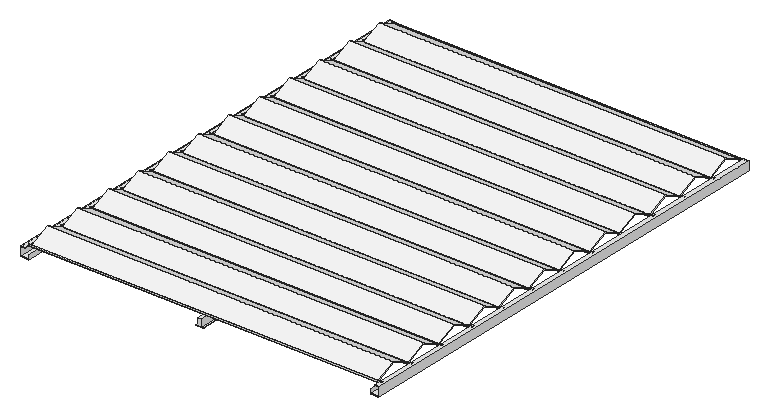
Revit family "Retractable-Roof_ShadeFX", category Specialty Equipment, Revit 2022
Family settings
  Round Connector Dimension = Use Diameter
  Part Type = Normal
  OmniClass Number = 23.35.00.00
  OmniClass Title = Covering, Cladding, and Finishes
  Work Plane-Based = No
  Always vertical = Yes
  Cut with Voids When Loaded = No
  Maintain Annotation Orientation = No
  Shared = No
  Room Calculation Point = No
Parameters
  URL = "https://www.shadefxcanopies.com/"
  Track Length [instance] = Length  # 18' - 0"
  Structure Material [instance] = ShadeFX - Aluminum Finish
  Specification = "https://www.arcat.com/company/shadefx-50995/spec"
  Retracted Roof [instance] = not(Extended Roof)  # no
  Retracted Length [instance] = if(or(Length = 8' 0", Length < 9' 0"), 1' 0 1/4", if(or(Length = 9' 0", Length < 10' 0"), 1' 2 1/4", if(or(Length = 10' 0", Length < 11' 0"), 2' 2 1/4", if(or(Length = 11' 0", Length < 12' 0"), 2' 4 1/4", if(or(Length = 12' 0", Length < 13' 3"), 2' 6 1/4", if(or(Length = 13' 3", Length < 14' 0"), 2' 6 1/4", if(or(Length = 14' 0", Length < 15' 0"), 2' 8 1/4", if(or(Length = 15' 0", Length = 16' 0"), 2' 8 1/4", if(or(Length = 16' 0", Length < 17' 0"), 2' 10 1/4", if(or(Length = 17' 0", Length < 18' 0"), 3' 0 1/4", if(or(Length = 18' 0", Length < 19' 0"), 3' 0 1/4", if(or(Length = 19' 0", Length < 20' 0"), 3' 2 1/4", if(or(Length = 20' 0", Length < 21' 0"), 3' 2 1/4", if(or(Length = 21' 0", Length < 22' 0"), 3' 4 1/4", if(or(Length = 22' 0", Length < 23' 0"), 3' 6 1/4", if(or(Length = 23' 0", Length < 26' 0"), 3' 6 1/4", if(or(Length = 26' 0", Length < 27' 0"), 3' 10 1/4", if(or(Length = 27' 0", Length < 29' 0"), 4' 0 1/4", if(or(Length = 29' 0", Length < 30' 0"), 4' 2 1/4", if(Length = 30' 0", 4' 2 1/4", 1' 0"))))))))))))))))))))  # 3' - 0 1/4"
  Motor [instance] = no
  Max Length and Width [instance] = "Contact us (spec@shadefx.com) for > length 30' x width 20'"
  Gutter Stabilizer [instance] = no
  G-Channel Stabilizer [instance] = not(Gutter Stabilizer)  # yes
  Width [instance] = 14' - 0"
  Length [instance] = 18' - 0"
  Product Page URL = "https://www.arcat.com/company/shadefx-50995"
  Model = "Retractable Roof."  # constant formula
  Manufacturer = "ShadeFX"  # constant formula
  Keynote = "10 73 16"
  Extended Roof [instance] = yes
  Description = "Single track retractable roofs."  # constant formula
  Default Elevation = 0' - 0"
  Cover Material [instance] = ShadeFX - Fabric Color
  Copyright = "ARCAT"
  CAD Details = "https://www.arcat.com/company/shadefx-50995/cad"
  # of Wings [instance] = if(or(Length = 8' 0", Length < 9' 0"), 6, if(or(Length = 9' 0", Length < 10' 0"), 7, if(or(Length = 10' 0", Length < 11' 0"), 7, if(or(Length = 11' 0", Length < 12' 0"), 8, if(or(Length = 12' 0", Length < 13' 3"), 9, if(or(Length = 13' 3", Length < 14' 0"), 9, if(or(Length = 14' 0", Length < 15' 0"), 10, if(or(Length = 15' 0", Length = 16' 0"), 10, if(or(Length = 16' 0", Length < 17' 0"), 11, if(or(Length = 17' 0", Length < 18' 0"), 12, if(or(Length = 18' 0", Length < 19' 0"), 12, if(or(Length = 19' 0", Length < 20' 0"), 13, if(or(Length = 20' 0", Length < 21' 0"), 13, if(or(Length = 21' 0", Length < 22' 0"), 14, if(or(Length = 22' 0", Length < 23' 0"), 15, if(or(Length = 23' 0", Length < 24' 0"), 15, if(or(Length = 24' 0", Length < 26' 0"), 16, if(or(Length = 26' 0", Length < 27' 0"), 17, if(or(Length = 27' 0", Length < 29' 0"), 18, if(or(Length = 29' 0", Length < 30' 0"), 19, if(Length = 30' 0", 19, 2)))))))))))))))))))))  # 12
Reference planes (in)
  plane 1 "Center (Front/Back)": y = -60
  plane 2: z = 0
  plane 3 "Center (Left/Right)": x = 0
  plane 4: x = -2
  plane 5: x = 2
  plane 6: z = 120.855
  plane 7: y = 48
  plane 8: y = -168
  plane 9: x = -84
  plane 10: x = 84
  plane 11: x = 80
  plane 12: x = -80
  plane 13 "Wing Host": z = 123.375
  plane 14: z = 120
  plane 15: z = 124.25
  plane 16: y = 17.5
  plane 17: x = -0.89
  plane 18: x = -3.82
  plane 19: z = 121.075
  plane 20: z = 120.855
  plane 21: x = -54
  plane 22: z = 123.75
  plane 23: z = 129.25
  plane 24: x = 54
Forms (in)
  Sweep 1, solid, material "ShadeFX - Aluminum Finish" <- "Structure Material", visible <- "G-Channel Stabilizer"
    path origin (0, 52.11444, 0) x (1, 0, 0) y (0, 1, 0)
      loop
        line (0, -4.11444) -> (0, -220.11444)
    profile origin (0, -60, 0) x (1, 0, 0) y (0, 0, 1)
      loop
        line (-2, 120) -> (2, 120) -> (2, 120.125) -> (0.89, 120.125) -> (0.89, 123.375) -> (-0.89, 123.375) -> (-0.89, 120.125) -> (-2, 120.125) -> (-2, 120)
      loop
        line (-80, 120) -> (-80, 122) -> (-80.125, 122) -> (-80.125, 120.125) -> (-83.875, 120.125) -> (-83.875, 124.125) -> (-82, 124.125) -> (-82, 124.25) -> (-84, 124.25) -> (-84, 120) -> (-80, 120)
      loop
        line (80, 120) -> (84, 120) -> (84, 124.25) -> (82, 124.25) -> (82, 124.125) -> (83.875, 124.125) -> (83.875, 120.125) -> (80.125, 120.125) -> (80.125, 122) -> (80, 122) -> (80, 120)
  Extrusion 2, solid, material "ShadeFX - Aluminum Finish" <- "Structure Material", visible <- "Motor"
    sketch origin (-116.11458, 48, 216) x (-1, 0, 0) y (0, 0, 1)
      loop
        line (-112.29458, -94.925) -> (-112.29458, -92.625) -> (-115.22458, -92.625) -> (-115.22458, -94.925) -> (-112.29458, -94.925)
    from 0 to -30.5
  Sweep 3, solid, material "ShadeFX - Aluminum Finish" <- "Structure Material", visible <- "Gutter Stabilizer"
    path origin (0, 52.11444, 0) x (1, 0, 0) y (0, 1, 0)
      loop
        line (0, -4.11444) -> (0, -220.11444)
    profile origin (0, -60, 0) x (1, 0, 0) y (0, 0, 1)
      loop
        line (-2, 120) -> (2, 120) -> (2, 120.125) -> (0.89, 120.125) -> (0.89, 123.375) -> (-0.89, 123.375) -> (-0.89, 120.125) -> (-2, 120.125) -> (-2, 120)
      loop
        line (-78, 120) -> (-78, 122) -> (-78.125, 122) -> (-78.125, 120.125) -> (-83.875, 120.125) -> (-83.875, 123.625) -> (-82, 123.625) -> (-82, 123.75) -> (-82, 124.25) -> (-83, 124.25) -> (-83, 124.125) -> (-82.11033, 124.125) -> (-82.11033, 123.75) -> (-84, 123.75) -> (-84, 120) -> (-78, 120)
      loop
        line (-82.25125, 123.875) -> (-82.25125, 124) -> (-83.875, 124) -> (-83.875, 129.09443) -> (-80, 129.09443) -> (-80, 129.25) -> (-84, 129.25) -> (-84, 123.875) -> (-82.25125, 123.875)
      loop
        line (78, 120) -> (84, 120) -> (84, 123.75) -> (82.11033, 123.75) -> (82.11033, 124.125) -> (83, 124.125) -> (83, 124.25) -> (82, 124.25) -> (82, 123.75) -> (82, 123.625) -> (83.875, 123.625) -> (83.875, 120.125) -> (78.125, 120.125) -> (78.125, 122) -> (78, 122) -> (78, 120)
      loop
        line (82.25125, 123.875) -> (84, 123.875) -> (84, 129.25) -> (80, 129.25) -> (80, 129.09443) -> (83.875, 129.09443) -> (83.875, 124) -> (82.25125, 124) -> (82.25125, 123.875)
Dimensions and locks (in)
  equal spacing: plane 4, plane 3 "Center (Left/Right)", plane 5
  locked: plane 4 to plane 5 at 4
  equal spacing: plane 8, plane 1 "Center (Front/Back)", plane 7
  "Length": plane 8 to plane 7
  equal spacing: plane 9, plane 3 "Center (Left/Right)", plane 10
  "Width": plane 9 to plane 10
  locked: plane 9 to plane 12 at 4
  locked: plane 11 to plane 10 at 4
  locked: plane 14 to plane 2 at 120
  locked: plane 13 "Wing Host" to plane 14 at 3.375
  locked: Sweep 1 sketch curve to plane 14 at 0.125
  locked: plane 13 "Wing Host" to plane 6 at 2.52
  locked: plane 15 to plane 14 at 4.25
  locked: Sweep 1 sketch curve to plane 14 at 2  (x2)
  locked: Sweep 1 sketch curve to plane 9 at 2
  locked: Sweep 1 sketch curve to plane 10 at 2
  locked: plane 7 to plane 16 at 30.5
  locked: plane 17 to plane 3 "Center (Left/Right)" at 0.89
  locked: plane 18 to plane 17 at 2.93
  locked: plane 13 "Wing Host" to plane 19 at 2.3
  plane 22 to plane 14 = 0' - 3 3/4"
  plane 23 to plane 22 = 0' - 5 1/2"
  locked: Sweep 3 sketch curve to Sweep 3 sketch curve at 1  (x2)
  Sweep 3 sketch curve to Sweep 3 sketch curve = 0' - 4"  (x2)
  locked: Sweep 1 to Sweep 3 sketch curve at 6
  locked: Sweep 3 sketch curve to Sweep 3 sketch curve at 0.125
  aligned and locked: level to plane 2
  aligned and locked: plane 3 "Center (Left/Right)" to nested 3
  aligned and locked: plane 3 "Center (Left/Right)" to nested 1
  aligned and locked: nested 1 to plane 1 "Center (Front/Back)"
  aligned and locked: plane 14 to Sweep 1 sketch curve  (x3)
  aligned and locked: plane 13 "Wing Host" to Sweep 1 sketch curve
  aligned and locked: Sweep 1 sketch curve to plane 9
  aligned and locked: Sweep 1 sketch curve to plane 12
  aligned and locked: Sweep 1 sketch curve to plane 15  (x2)
  aligned and locked: plane 10 to Sweep 1 sketch curve
  aligned and locked: Sweep 1 sketch curve to plane 11
  aligned and locked: plane 3 "Center (Left/Right)" to nested 2
  aligned and locked: plane 7 to Sweep 1 sketch curve
  aligned and locked: plane 8 to Sweep 1 sketch curve
  aligned and locked: nested 3 to plane 7
  aligned and locked: nested 2 to plane 7
  aligned and locked: Extrusion 2 sketch curve to plane 19
  aligned and locked: Extrusion 2 sketch curve to plane 17
  aligned and locked: Extrusion 2 sketch curve to plane 13 "Wing Host"
  aligned and locked: Extrusion 2 sketch curve to plane 18
  aligned and locked: Extrusion 2 to plane 16
  aligned and locked: plane 7 to Extrusion 2
  aligned and locked: Sweep 3 sketch curve to plane 22  (x2)
  aligned and locked: plane 15 to Sweep 3 sketch curve  (x2)
  aligned and locked: Sweep 3 sketch curve to plane 12
  aligned and locked: Sweep 3 sketch curve to nested 1
  aligned and locked: nested 1 to Sweep 3 sketch curve
  aligned and locked: Sweep 3 sketch curve to plane 23
Automatic sketch dimensions
  Sweep 1 sketch curve to plane 3 "Center (Left/Right)" = 0' - 0"
  Sweep 1 sketch curve to Sweep 1 sketch curve = 0' - 0 1/8"  (x8)
  profile plane to Sweep 1 sketch curve = 0' - 2"
  profile plane to Sweep 1 sketch curve = 0' - 0.89"
  Sweep 1 sketch curve to profile plane = 0' - 0.89"
  Sweep 1 sketch curve to Sweep 1 sketch curve = 0' - 1.11"
  Sweep 1 sketch curve to plane 6 = 0' - 0.73"
  Sweep 3 sketch curve to plane 3 "Center (Left/Right)" = 0' - 0"
  plane 8 to Sweep 3 sketch curve = 0' - 0"
  Sweep 3 sketch curve to plane 7 = 0' - 0"
  Sweep 3 sketch curve to plane 20 = 0' - 0.855"  (x3)
  Sweep 3 sketch curve to Sweep 3 sketch curve = 0' - 0"  (x3)
  Sweep 3 sketch curve to Sweep 3 sketch curve = 0' - 0 1/8"  (x15)
  Sweep 3 sketch curve to Sweep 3 sketch curve = 0' - 0 7/8"
  Sweep 3 sketch curve to Sweep 3 sketch curve = 0' - 0.25125"
  Sweep 3 sketch curve to Sweep 3 sketch curve = 0' - 0.11033"  (x2)
  Sweep 3 sketch curve to plane 20 = 0' - 0.73"  (x2)
  Sweep 3 sketch curve to Sweep 3 sketch curve = 0' - 3 7/8"
  profile plane to Sweep 3 sketch curve = 0' - 2"
  profile plane to Sweep 3 sketch curve = 0' - 0.89"
  Sweep 3 sketch curve to profile plane = 0' - 0.89"
  Sweep 3 sketch curve to Sweep 3 sketch curve = 0' - 1.11"
  Sweep 3 sketch curve to Sweep 3 sketch curve = 0' - 2"
  Sweep 3 sketch curve to Sweep 3 sketch curve = 0' - 0.14091"
  plane 20 to Sweep 3 sketch curve = 0' - 2.52"
  Sweep 3 sketch curve to Sweep 3 sketch curve = 0' - 0.15557"  (x2)
  Sweep 3 sketch curve to Sweep 3 sketch curve = 0' - 4.84443"
  plane 20 to Sweep 3 sketch curve = 0' - 1.145"  (x2)
Nested families (in)
  nested 1: "PIS_Support Structure" at (-82, 46, 0), Structure Material <- "Structure Material", type "PIS_Support Structure"
    with Structure Material ShadeFX - Aluminum Finish, W 14' - 0", Support 4 no, Support 3 no, Support 2 no, Support 1 no, Right Support no, Left Support no, L 18' - 0", Gutter no, Front Support no, Center Ridge no, Back Support no
  nested 2: "PIS_Extended Roof" at (-4.10236, 48, 123.375), visible <- "Extended Roof", Cover Material <- "Cover Material", Track Length <- "Track Length", Width <- "Width", # of Wings <- "# of Wings", Structure Material <- "Structure Material", type "PIS_Extended Roof"
    with Width 14' - 0", Track Length 18' - 0", Structure Material ShadeFX - Aluminum Finish, Module Length 1' - 5.66667", Cover Material ShadeFX - Fabric Color, # of Wings 12
  nested 3: "PIS_Retractable Roof" at (0, 48, 123.375), visible <- "Retracted Roof", Retracted Length <- "Retracted Length", Track Length <- "Track Length", Width <- "Width", Cover Material <- "Cover Material", Structure Material <- "Structure Material", # of Wings <- "# of Wings", type "PIS_Retractable Roof"
    with Width 14' - 0", Track Length 18' - 0", Structure Material ShadeFX - Aluminum Finish, Retracted Length 3' - 0 1/4", Cover Material ShadeFX - Fabric Color, # of Wings 12
Connectors (in)
  electrical at (-2.355, 48, 122.225)
    settings: on Extrusion 2, index 1, voltage 0 V, apparent load 0 VA, apparent load phase1 0 VA, apparent load phase2 0 VA, apparent load phase3 0 VA, power factor 1, load classification "Motor", number of poles 1, system type 31, power factor state 1, is connector primary yes, connector utility no, sub classification motor no, connector description ""
Definition of nested family "PIS_Extended Roof"
  Parameters (values of type "PIS_Extended Roof")
    Width [instance] = 8' - 0"
    URL = ""
    Track Length [instance] = 19' - 8 21/128"
    Structure Material [instance] = none
    Module Length [instance] = (Track Length - (Back Offset + Front Offset + 0' 0 3/4")) / # of Wings  # 3' - 2.69401"
    Manufacturer = ""
    Keynote = ""
    Front Offset = 0' - 3 1/4"
    Default Elevation = 4' - 0"
    Cover Material [instance] = none
    Back Offset = 0' - 0"
    # of Wings [instance] = 6
  Reference planes (in)
    plane 1 "Center (Front/Back)": y = 0
    plane 2: z = 0
    plane 3 "Center (Left/Right)": x = 4.10236
    plane 4: x = -43.89764
    plane 5: x = 52.10236
    plane 6: y = 0
    plane 7: y = -39.44401
    plane 8: y = -236.16405
    plane 9: y = -0.75
    plane 10: y = -232.91405
    plane 11: x = -42.39764
    plane 12: x = 50.60236
  Forms (in)
    Extrusion 1, solid, material <- "Structure Material"
      sketch origin (-42.39764, 9.82233, 216) x (0, 1, 0) y (0, 0, 1)
        loop
          line (-10.57233, -216) -> (-9.82233, -216) -> (-9.82233, -215.25) -> (-10.57233, -215.25) -> (-10.57233, -216)
      from 0 to 93
  Dimensions and locks (in)
    locked: plane 6 to plane 9 at 0.75
    "Back Offset": plane 1 "Center (Front/Back)" to plane 6
    "Module Length": plane 9 to plane 7
    "Front Offset": plane 10 to plane 8
    equal spacing: plane 4, plane 3 "Center (Left/Right)", plane 5
    "Width": plane 4 to plane 5
    "Track Length": plane 1 "Center (Front/Back)" to plane 8
    locked: plane 4 to plane 11 at 1.5
    locked: plane 12 to plane 5 at 1.5
    equal spacing: group 1, group 3, group 4, group 5, group 6, group 2  (x2)
    equal spacing: group 2, group 6, group 5, group 4, group 3, group 1
    aligned and locked: plane 2 to level
    aligned and locked: plane 3 "Center (Left/Right)" to nested 1
    aligned and locked: nested 1 to plane 9
    aligned and locked: plane 10 to nested 2
    aligned and locked: plane 9 to Extrusion 1 sketch curve
    aligned and locked: plane 6 to Extrusion 1 sketch curve
    aligned and locked: plane 2 to Extrusion 1 sketch curve
    aligned and locked: plane 12 to Extrusion 1
    aligned and locked: Extrusion 1 to plane 11
  Automatic sketch dimensions
    level to Extrusion 1 sketch curve = 0' - 0 3/4"
  Nested families (in)
    nested 1: "PIS_Extended Roof Shade" at (4.08691, -0.75, 0), Cover Material <- "Cover Material", Module Length <- "Module Length", W <- "Width", Structure Material <- "Structure Material", type "PIS_Extended Roof Shade"
      with Width of Extended Roof 7' - 9", W 8' - 0", Structure Material none, Module Length 3' - 2.69401", Cover Material none
    nested 2: "PIS_Extended Roof Shade" at (4.08691, -194.22004, 0), Cover Material <- "Cover Material", Module Length <- "Module Length", W <- "Width", Structure Material <- "Structure Material", type "PIS_Extended Roof Shade"
      with Width of Extended Roof 7' - 9", W 8' - 0", Structure Material none, Module Length 3' - 2.69401", Cover Material none
    nested 3: "PIS_Extended Roof Shade" at (4.08691, -39.44401, 0), Cover Material <- "Cover Material", Module Length <- "Module Length", W <- "Width", Structure Material <- "Structure Material", type "PIS_Extended Roof Shade"
      with Width of Extended Roof 7' - 9", W 8' - 0", Structure Material none, Module Length 3' - 2.69401", Cover Material none
    nested 4: "PIS_Extended Roof Shade" at (4.08691, -78.13802, 0), Cover Material <- "Cover Material", Module Length <- "Module Length", W <- "Width", Structure Material <- "Structure Material", type "PIS_Extended Roof Shade"
      with Width of Extended Roof 7' - 9", W 8' - 0", Structure Material none, Module Length 3' - 2.69401", Cover Material none
    nested 5: "PIS_Extended Roof Shade" at (4.08691, -116.83202, 0), Cover Material <- "Cover Material", Module Length <- "Module Length", W <- "Width", Structure Material <- "Structure Material", type "PIS_Extended Roof Shade"
      with Width of Extended Roof 7' - 9", W 8' - 0", Structure Material none, Module Length 3' - 2.69401", Cover Material none
    nested 6: "PIS_Extended Roof Shade" at (4.08691, -155.52603, 0), Cover Material <- "Cover Material", Module Length <- "Module Length", W <- "Width", Structure Material <- "Structure Material", type "PIS_Extended Roof Shade"
      with Width of Extended Roof 7' - 9", W 8' - 0", Structure Material none, Module Length 3' - 2.69401", Cover Material none
  Definition of nested family "PIS_Extended Roof Shade"
    Parameters (values of type "PIS_Extended Roof Shade")
      Width of Extended Roof [instance] = W - 0' 3"  # 11' - 9"
      W [instance] = 12' - 0"
      Structure Material [instance] = none
      Module Length [instance] = 1' - 0"
      Default Elevation = 0' - 0"
      Cover Material [instance] = none
    Reference planes (in)
      plane 1 "Center (Front/Back)": y = 0
      plane 2: z = 0
      plane 3 "Center (Left/Right)": x = 0.01545
      plane 4: x = -71.98455
      plane 5: x = 72.01545
      plane 6: x = -70.48455
      plane 7: x = 70.51545
      plane 8: y = -12
      plane 9: y = -11.25
      plane 10: x = -68.98455
      plane 11: x = 69.01545
      plane 12: z = 0.75
      plane 13: z = 8.48
      plane 14: y = -5.625
      plane 15: z = 4.87
    Forms (in)
      Extrusion 1, solid, material <- "Structure Material"
        sketch origin (-105.98455, -30, 0) x (1, 0, 0) y (0, 1, 0)
          loop
            line (35.5, 18) -> (176.5, 18) -> (176.5, 18.75) -> (35.5, 18.75) -> (35.5, 18)
        from 0 to 0.75
      Extrusion 2, solid, material <- "Cover Material"
        sketch origin (0.01545, -58.1608, 162.52538) x (0, 1, 0) y (0, 0, 1)
          loop
            line (57.83363, -161.77538) -> (58.04222, -161.77538) -> (52.54098, -157.65538) -> (46.10394, -161.77538) -> (46.33588, -161.77538) -> (52.53539, -157.8074) -> (57.83363, -161.77538)
        from -69 to 69
    Dimensions and locks (in)
      equal spacing: plane 4, plane 3 "Center (Left/Right)", plane 5
      "W": plane 4 to plane 5
      "Width of Extended Roof": plane 6 to plane 7
      locked: plane 4 to plane 6 at 1.5
      "Module Length": plane 8 to plane 1 "Center (Front/Back)"
      locked: plane 9 to plane 8 at 0.75
      locked: plane 6 to plane 10 at 1.5
      locked: plane 11 to plane 7 at 1.5
      locked: plane 12 to plane 2 at 0.75
      plane 2 to plane 15 = 0' - 4.87"
      equal spacing: plane 9, plane 14, plane 1 "Center (Front/Back)"
      locked: Extrusion 2 sketch curve to Extrusion 2 sketch curve at 0.12504  (x2)
      aligned and locked: plane 2 to level
      aligned and locked: Extrusion 1 to plane 6
      aligned and locked: Extrusion 1 sketch curve to plane 7
      aligned and locked: Extrusion 1 sketch curve to plane 9
      aligned and locked: Extrusion 1 sketch curve to plane 8
      aligned and locked: Extrusion 1 sketch curve to plane 6
      aligned and locked: plane 12 to Extrusion 1
      aligned and locked: plane 12 to Extrusion 2 sketch curve
      aligned and locked: Extrusion 2 to plane 11
      aligned and locked: Extrusion 2 to plane 10
      aligned and locked: plane 15 to Extrusion 2 sketch curve
    Automatic sketch dimensions
      Extrusion 2 sketch curve to plane 12 = 0' - 0"
      Extrusion 2 sketch curve to plane 8 = 0' - 0.05686"
      plane 14 to Extrusion 2 sketch curve = 0' - 0.00041"
      plane 1 "Center (Front/Back)" to Extrusion 2 sketch curve = 0' - 0.32717"
Definition of nested family "PIS_Retractable Roof"
  Parameters (values of type "PIS_Retractable Roof")
    Width [instance] = 8' - 0"
    URL = ""
    Track Length [instance] = 11' - 0"
    Structure Material [instance] = none
    Retracted Length [instance] = 3' - 6"
    Manufacturer = ""
    Keynote = ""
    Default Elevation = 4' - 0"
    Cover Material [instance] = none
    Back Offset = 0' - 0"
    # of Wings [instance] = 6
  Reference planes (in)
    plane 1 "Center (Front/Back)": y = 0
    plane 2: z = 0
    plane 3 "Center (Left/Right)": x = 0
    plane 4: y = 0
    plane 5: y = -42
    plane 6: x = -48
    plane 7: x = 48
    plane 8: y = -0.75
  Dimensions and locks (in)
    "Back Offset": plane 4 to plane 1 "Center (Front/Back)"
    equal spacing: plane 6, plane 3 "Center (Left/Right)", plane 7
    "Width": plane 6 to plane 7
    "Retracted Length": plane 5 to plane 4
    locked: plane 8 to plane 4 at 0.75
    equal spacing: group 1, group 3, group 4, group 5, group 6, group 2  (x2)
    equal spacing: group 2, group 6, group 5, group 4, group 3, group 1
    aligned and locked: plane 2 to level
    aligned and locked: plane 3 "Center (Left/Right)" to nested 1
    aligned and locked: plane 4 to nested 1
    aligned and locked: nested 2 to plane 5
  Nested families (in)
    nested 1: "PIS_Retracted Roof Shade" at (0, -19.25454, 0), W <- "Width", Cover Material <- "Cover Material", Structure Material <- "Structure Material", type "PIS_Retracted Roof Shade"
      with Width of Shade 7' - 9", W 8' - 0", Structure Material none, Cover Material none
    nested 2: "PIS_Retracted Roof Shade" at (0, -60.50454, 0), W <- "Width", Cover Material <- "Cover Material", Structure Material <- "Structure Material", type "PIS_Retracted Roof Shade"
      with Width of Shade 7' - 9", W 8' - 0", Structure Material none, Cover Material none
    nested 3: "PIS_Retracted Roof Shade" at (0, -27.50454, 0), W <- "Width", Cover Material <- "Cover Material", Structure Material <- "Structure Material", type "PIS_Retracted Roof Shade"
      with Width of Shade 7' - 9", W 8' - 0", Structure Material none, Cover Material none
    nested 4: "PIS_Retracted Roof Shade" at (0, -35.75454, 0), W <- "Width", Cover Material <- "Cover Material", Structure Material <- "Structure Material", type "PIS_Retracted Roof Shade"
      with Width of Shade 7' - 9", W 8' - 0", Structure Material none, Cover Material none
    nested 5: "PIS_Retracted Roof Shade" at (0, -44.00454, 0), W <- "Width", Cover Material <- "Cover Material", Structure Material <- "Structure Material", type "PIS_Retracted Roof Shade"
      with Width of Shade 7' - 9", W 8' - 0", Structure Material none, Cover Material none
    nested 6: "PIS_Retracted Roof Shade" at (0, -52.25454, 0), W <- "Width", Cover Material <- "Cover Material", Structure Material <- "Structure Material", type "PIS_Retracted Roof Shade"
      with Width of Shade 7' - 9", W 8' - 0", Structure Material none, Cover Material none
  Definition of nested family "PIS_Retracted Roof Shade"
    Parameters (values of type "PIS_Retracted Roof Shade")
      Width of Shade [instance] = W - 0' 3"  # 5' - 9"
      W [instance] = 6' - 0"
      Structure Material [instance] = none
      Default Elevation = 0' - 0"
      Cover Material [instance] = none
    Reference planes (in)
      plane 1 "Center (Front/Back)": y = 9.25454
      plane 2: z = 0
      plane 3 "Center (Left/Right)": x = 0
      plane 4: y = 18.50454
      plane 5: y = 19.25454
      plane 6: x = -34.5
      plane 7: x = 34.5
      plane 8: z = 0.75
      plane 9: z = 8.48
      plane 10: x = -33
      plane 11: x = -36
      plane 12: x = 33
      plane 13: x = 36
    Forms (in)
      Extrusion 1, solid, material <- "Structure Material"
        sketch origin (0, 0, 0) x (1, 0, 0) y (0, 1, 0)
          loop
            line (-34.5, 18.50454) -> (34.5, 18.50454) -> (34.5, 19.25454) -> (-34.5, 19.25454) -> (-34.5, 18.50454)
        from 0 to 0.75
      Extrusion 2, solid, material <- "Cover Material"
        sketch origin (0, 0, 0) x (0, 1, 0) y (0, 0, 1)
          loop
            line (18.50454, 0.75) -> (7.17718, 4.87387) -> (7.13271, 4.75171) -> (18.50454, 0.61165) -> (18.50454, 0.75)
        from -33 to 33
    Dimensions and locks (in)
      equal spacing: plane 6, plane 3 "Center (Left/Right)", plane 7
      "Width of Shade": plane 6 to plane 7
      plane 8 to plane 2 = 0' - 0 3/4"
      plane 5 to plane 4 = 0' - 0 3/4"
      locked: plane 2 to plane 9 at 8.48
      plane 5 to plane 1 "Center (Front/Back)" = 0' - 10"
      locked: Extrusion 2 sketch curve to Extrusion 2 sketch curve at 0.13
      locked: plane 6 to plane 10 at 1.5
      locked: plane 12 to plane 7 at 1.5
      equal spacing: plane 11, plane 3 "Center (Left/Right)", plane 13
      "W": plane 11 to plane 13
      angle plane 8 to Extrusion 2 sketch curve = 20.0047°
      aligned and locked: plane 2 to level
      aligned and locked: Extrusion 1 to plane 6
      aligned and locked: plane 7 to Extrusion 1
      aligned and locked: plane 8 to Extrusion 1
      aligned and locked: plane 4 to Extrusion 1
      aligned and locked: Extrusion 1 to plane 5
      aligned and locked: Extrusion 1 to plane 2
      aligned and locked: plane 4 to Extrusion 2 sketch curve
      aligned and locked: Extrusion 2 to plane 10
      aligned and locked: Extrusion 2 to plane 12
    Automatic sketch dimensions
      plane 5 to Extrusion 1 sketch curve = 0' - 0"
      Extrusion 1 sketch curve to plane 6 = 0' - 0"
      Extrusion 1 sketch curve to plane 7 = 0' - 0"
      plane 4 to Extrusion 1 sketch curve = 0' - 0"
      Extrusion 2 sketch curve to plane 8 = 0' - 0"
      plane 1 "Center (Front/Back)" to Extrusion 2 sketch curve = 0' - 2.07736"
Definition of nested family "PIS_Support Structure"
  Parameters (values of type "PIS_Support Structure")
    W = 10' - 0"
    Support 4 = yes
    Support 3 = yes
    Support 2 = yes
    Support 1 = yes
    Structure Material [instance] = none
    Right Support = yes
    Left Support = yes
    L = 24' - 0"
    Height of Support = 10' - 0"
    Gutter = yes
    Front Support = yes
    Default Elevation = 0' - 0"
    Center Ridge = yes
    Back Support = yes
  Reference planes (in)
    plane 1: y = 0
    plane 2: z = 0
    plane 3: x = 0
    plane 4: y = -284
    plane 5: x = 116
    plane 6 "Center (Left/Right)": x = 58
    plane 7: z = 120
    plane 8: z = 117
    plane 9: z = 116
    plane 10: z = 119
    plane 11: x = -2
    plane 12: x = 2
    plane 13: x = 114
    plane 14: x = 118
    plane 15: y = -286
    plane 16: y = -282
    plane 17: y = -2
    plane 18: y = 2
    plane 19: z = 106
    plane 20: z = 102
    plane 21 "Center (Front/Back)": y = -142
  Forms (in)
    Extrusion 1, solid, material <- "Structure Material", visible <- "Support 2"
      sketch origin (0, -212, 0) x (1, 0, 0) y (0, 1, 0)
        loop
          line (-2, -70) -> (-2, -74) -> (2, -74) -> (2, -70) -> (-2, -70)
        loop
          line (-1.75, -70.25) -> (-1.75, -73.75) -> (1.75, -73.75) -> (1.75, -70.25) -> (-1.75, -70.25)
      from 6 to 120
    Extrusion 2, solid, material <- "Structure Material", visible <- "Support 1"
      sketch origin (0, 0, 0) x (1, 0, 0) y (0, 1, 0)
        loop
          line (-2, 2) -> (-2, -2) -> (2, -2) -> (2, 2) -> (-2, 2)
        loop
          line (-1.75, 1.75) -> (-1.75, -1.75) -> (1.75, -1.75) -> (1.75, 1.75) -> (-1.75, 1.75)
      from 6 to 120
    Extrusion 3, solid, material <- "Structure Material", visible <- "Support 3"
      sketch origin (212, 0, 0) x (1, 0, 0) y (0, 1, 0)
        loop
          line (-98, 2) -> (-98, -2) -> (-94, -2) -> (-94, 2) -> (-98, 2)
        loop
          line (-97.75, 1.75) -> (-97.75, -1.75) -> (-94.23695, -1.75) -> (-94.23695, 1.75) -> (-97.75, 1.75)
      from 6 to 120
    Extrusion 4, solid, material <- "Structure Material", visible <- "Support 4"
      sketch origin (212, -212, 0) x (1, 0, 0) y (0, 1, 0)
        loop
          line (-98, -70) -> (-98, -74) -> (-94, -74) -> (-94, -70) -> (-98, -70)
        loop
          line (-97.75, -70.25) -> (-97.75, -73.75) -> (-94.25, -73.75) -> (-94.25, -70.25) -> (-97.75, -70.25)
      from 6 to 120
    Extrusion 5, solid, material <- "Structure Material", visible <- "Left Support"
      sketch origin (0, 0, 0) x (1, 0, 0) y (0, 0, 1)
        loop
          line (-2, 120) -> (-2, 116) -> (2, 116) -> (2, 120) -> (-2, 120)
        loop
          line (-1.75, 119.75) -> (-1.75, 116.25) -> (1.75, 116.25) -> (1.75, 119.75) -> (-1.75, 119.75)
      from 2 to 282
    Extrusion 6, solid, material <- "Structure Material", visible <- "Right Support"
      sketch origin (212, 0, 0) x (1, 0, 0) y (0, 0, 1)
        loop
          line (-98, 120) -> (-98, 116) -> (-94, 116) -> (-94, 120) -> (-98, 120)
        loop
          line (-97.75, 119.75) -> (-97.75, 116.25) -> (-94.25, 116.25) -> (-94.25, 119.75) -> (-97.75, 119.75)
      from 2 to 282
    Extrusion 7, solid, material <- "Structure Material", visible <- "Back Support"
      sketch origin (106, 0, 0) x (0, -1, 0) y (0, 0, 1)
        loop
          line (-2, 120) -> (-2, 116) -> (2, 116) -> (2, 120) -> (-2, 120)
        loop
          line (-1.75, 119.75) -> (-1.75, 116.25) -> (1.75, 116.25) -> (1.75, 119.75) -> (-1.75, 119.75)
      from -8 to 104
    Extrusion 8, solid, material <- "Structure Material", visible <- "Front Support"
      sketch origin (106, -212, 0) x (0, -1, 0) y (0, 0, 1)
        loop
          line (70, 120) -> (70, 116) -> (74, 116) -> (74, 120) -> (70, 120)
        loop
          line (70.25, 119.75) -> (70.25, 116.25) -> (73.75, 116.25) -> (73.75, 119.75) -> (70.25, 119.75)
      from -8 to 104
    Extrusion 9, solid, material <- "Structure Material", visible <- "Center Ridge"
      sketch origin (-2, 0, 0) x (1, 0, 0) y (0, 1, 0)
        loop
          line (57.375, -2) -> (57.375, -282) -> (62.625, -282) -> (62.625, -2) -> (57.375, -2)
      from 117 to 120
    Extrusion 10, solid, material <- "Structure Material", visible <- "Gutter"
      sketch origin (0, 0, 0) x (0, 1, 0) y (0, 0, 1)
        loop
          line (-2, 116) -> (-282, 116) -> (-282, 106) -> (-2, 106) -> (-2, 116)
      from 1.75 to 2
    Extrusion 11, solid, material <- "Structure Material", visible <- "Gutter"
      sketch origin (219.25, 0, 0) x (0, 1, 0) y (0, 0, 1)
        loop
          line (-2, 116) -> (-282, 116) -> (-282, 106) -> (-2, 106) -> (-2, 116)
      from -105.25 to -105
  Dimensions and locks (in)
    Extrusion 9 sketch curve to plane 6 "Center (Left/Right)" to Extrusion 9 sketch curve = 0' - 2 5/8" locked, 0' - 2 5/8" locked
    "Height of Support": plane 7 to level
    locked: plane 7 to plane 8 at 3
    locked: plane 7 to plane 9 at 4
    locked: plane 10 to plane 7 at 1
    locked: plane 11 to plane 12 at 4
    equal spacing: plane 11, plane 3, plane 12
    locked: plane 13 to plane 14 at 4
    equal spacing: plane 13, plane 5, plane 14
    locked: plane 18 to plane 17 at 4
    equal spacing: plane 18, plane 1, plane 17
    locked: plane 16 to plane 15 at 4
    equal spacing: plane 16, plane 4, plane 15
    "W": plane 11 to plane 14
    equal spacing: plane 3, plane 6 "Center (Left/Right)", plane 5
    "L": plane 18 to plane 15
    locked: plane 19 to plane 20 at 4
    locked: plane 7 to plane 20 at 18
    equal spacing: plane 18, plane 21 "Center (Front/Back)", plane 15
    aligned and locked: level to plane 2
    aligned and locked: Extrusion 9 to Extrusion 7  (x2)
    aligned and locked: Extrusion 9 to Extrusion 8
    aligned and locked: Extrusion 1 to plane 7
    aligned and locked: Extrusion 5 to plane 7
    aligned and locked: Extrusion 2 to plane 7
    aligned and locked: plane 7 to Extrusion 1
    aligned and locked: Extrusion 8 to plane 7
    aligned and locked: Extrusion 7 to plane 7
    aligned and locked: plane 7 to Extrusion 8
    aligned and locked: Extrusion 9 to plane 7
    aligned and locked: Extrusion 4 to plane 7
    aligned and locked: Extrusion 6 to plane 7
    aligned and locked: Extrusion 3 to plane 7
    aligned and locked: plane 7 to Extrusion 4
    aligned and locked: plane 8 to Extrusion 9
    aligned and locked: plane 9 to Extrusion 8
    aligned and locked: plane 9 to Extrusion 7
    aligned and locked: Extrusion 8 to plane 9  (x4)
    aligned and locked: plane 9 to Extrusion 5  (x8)
    aligned and locked: plane 9 to Extrusion 6
    aligned and locked: plane 3 to nested 1
    aligned and locked: nested 4 to plane 3
    aligned and locked: nested 2 to plane 5
    aligned and locked: nested 3 to plane 5
    aligned and locked: plane 4 to nested 3
    aligned and locked: plane 4 to nested 4
    aligned and locked: plane 1 to nested 1
    aligned and locked: plane 1 to nested 2
    aligned and locked: Extrusion 1 to nested 4
    aligned and locked: Extrusion 2 to nested 1
    aligned and locked: Extrusion 3 to nested 2
    aligned and locked: Extrusion 4 to nested 3
    aligned and locked: plane 11 to Extrusion 2
    aligned and locked: plane 11 to Extrusion 5
    aligned and locked: Extrusion 2 to plane 12
    aligned and locked: Extrusion 5 to plane 12
    aligned and locked: Extrusion 7 to Extrusion 2
    aligned and locked: Extrusion 7 to Extrusion 3
    aligned and locked: Extrusion 6 to Extrusion 3
    aligned and locked: Extrusion 6 to Extrusion 4
    aligned and locked: Extrusion 8 to Extrusion 4
    aligned and locked: Extrusion 8 to Extrusion 1
    aligned and locked: Extrusion 5 to Extrusion 1
    aligned and locked: plane 13 to Extrusion 3
    aligned and locked: plane 13 to Extrusion 4
    aligned and locked: plane 18 to Extrusion 2
    aligned and locked: plane 18 to Extrusion 7
    aligned and locked: plane 18 to Extrusion 3
    aligned and locked: Extrusion 1 to plane 15
    aligned and locked: Extrusion 8 to plane 15
    aligned and locked: Extrusion 4 to plane 15
    aligned and locked: plane 16 to Extrusion 4
    aligned and locked: plane 16 to Extrusion 1
    aligned and locked: Extrusion 10 sketch curve to Extrusion 5  (x2)
    aligned and locked: Extrusion 1 to Extrusion 10  (x2)
    aligned and locked: plane 19 to Extrusion 11
    aligned and locked: Extrusion 11 to plane 9
  Automatic sketch dimensions
    Extrusion 1 sketch curve to plane 11 = 0' - 0"
    Extrusion 1 sketch curve to plane 12 = 0' - 0"
    Extrusion 1 sketch curve to plane 15 = 0' - 0"
    Extrusion 1 sketch curve to plane 16 = 0' - 0"
    Extrusion 1 sketch curve to plane 11 = 0' - 0 1/4"
    plane 12 to Extrusion 1 sketch curve = 0' - 0 1/4"
    plane 15 to Extrusion 1 sketch curve = 0' - 0 1/4"
    Extrusion 1 sketch curve to plane 16 = 0' - 0 1/4"
    Extrusion 2 sketch curve to plane 11 = 0' - 0"
    Extrusion 2 sketch curve to plane 12 = 0' - 0"
    Extrusion 2 sketch curve to plane 17 = 0' - 0"
    Extrusion 2 sketch curve to plane 18 = 0' - 0"
    Extrusion 2 sketch curve to plane 11 = 0' - 0 1/4"
    plane 12 to Extrusion 2 sketch curve = 0' - 0 1/4"
    plane 17 to Extrusion 2 sketch curve = 0' - 0 1/4"
    Extrusion 2 sketch curve to plane 18 = 0' - 0 1/4"
    Extrusion 3 sketch curve to plane 13 = 0' - 0"
    Extrusion 3 sketch curve to plane 18 = 0' - 0"
    Extrusion 3 sketch curve to plane 17 = 0' - 0"
    Extrusion 3 sketch curve to plane 13 = 0' - 0 1/4"
    plane 14 to Extrusion 3 sketch curve = 0' - 0.23695"
    plane 14 to Extrusion 3 sketch curve = 0' - 0"
    plane 17 to Extrusion 3 sketch curve = 0' - 0 1/4"
    Extrusion 3 sketch curve to plane 18 = 0' - 0 1/4"
    Extrusion 4 sketch curve to plane 13 = 0' - 0"
    Extrusion 4 sketch curve to plane 14 = 0' - 0"
    Extrusion 4 sketch curve to plane 15 = 0' - 0"
    Extrusion 4 sketch curve to plane 16 = 0' - 0"
    Extrusion 4 sketch curve to plane 13 = 0' - 0 1/4"
    plane 14 to Extrusion 4 sketch curve = 0' - 0 1/4"
    plane 15 to Extrusion 4 sketch curve = 0' - 0 1/4"
    Extrusion 4 sketch curve to plane 16 = 0' - 0 1/4"
    Extrusion 5 sketch curve to plane 9 = 0' - 0"
    Extrusion 5 sketch curve to plane 11 = 0' - 0"
    Extrusion 5 sketch curve to plane 7 = 0' - 0"
    Extrusion 5 sketch curve to plane 12 = 0' - 0"
    Extrusion 5 sketch curve to plane 11 = 0' - 0 1/4"
    plane 12 to Extrusion 5 sketch curve = 0' - 0 1/4"
    Extrusion 5 sketch curve to plane 9 = 0' - 0 1/4"
    plane 7 to Extrusion 5 sketch curve = 0' - 0 1/4"
    Extrusion 6 sketch curve to plane 9 = 0' - 0"
    Extrusion 6 sketch curve to plane 13 = 0' - 0"
    Extrusion 6 sketch curve to plane 7 = 0' - 0"
    Extrusion 6 sketch curve to plane 14 = 0' - 0"
    Extrusion 6 sketch curve to plane 13 = 0' - 0 1/4"
    plane 14 to Extrusion 6 sketch curve = 0' - 0 1/4"
    Extrusion 6 sketch curve to plane 9 = 0' - 0 1/4"
    plane 7 to Extrusion 6 sketch curve = 0' - 0 1/4"
    plane 9 to Extrusion 7 sketch curve = 0' - 0"
    Extrusion 7 sketch curve to plane 18 = 0' - 0"
    plane 7 to Extrusion 7 sketch curve = 0' - 0"
    Extrusion 7 sketch curve to plane 17 = 0' - 0"
    Extrusion 7 sketch curve to plane 18 = 0' - 0 1/4"
    plane 17 to Extrusion 7 sketch curve = 0' - 0 1/4"
    Extrusion 7 sketch curve to plane 9 = 0' - 0 1/4"
    plane 7 to Extrusion 7 sketch curve = 0' - 0 1/4"
    plane 9 to Extrusion 8 sketch curve = 0' - 0"
    Extrusion 8 sketch curve to plane 16 = 0' - 0"
    plane 7 to Extrusion 8 sketch curve = 0' - 0"
    Extrusion 8 sketch curve to plane 15 = 0' - 0"
    Extrusion 8 sketch curve to plane 16 = 0' - 0 1/4"
    plane 15 to Extrusion 8 sketch curve = 0' - 0 1/4"
    Extrusion 8 sketch curve to plane 9 = 0' - 0 1/4"
    plane 7 to Extrusion 8 sketch curve = 0' - 0 1/4"
    Extrusion 9 sketch curve to plane 16 = 0' - 0"
    Extrusion 9 sketch curve to plane 17 = 0' - 0"
    plane 9 to Extrusion 11 sketch curve = 0' - 0"
    Extrusion 11 sketch curve to plane 16 = 0' - 0"
    Extrusion 11 sketch curve to plane 17 = 0' - 0"
    plane 19 to Extrusion 11 sketch curve = 0' - 0"
    Extrusion 10 sketch curve to plane 16 = 0' - 0"
    plane 19 to Extrusion 10 sketch curve = 0' - 0"
  Nested families (in)
    nested 1: "PIS_Base Support" at (0, 0, 0), visible <- "Support 1", Material <- "Structure Material", type "PIS_Base Support"
      with Material none
    nested 2: "PIS_Base Support" at (116, 0, 0), visible <- "Support 3", Material <- "Structure Material", type "PIS_Base Support"
      with Material none
    nested 3: "PIS_Base Support" at (116, -284, 0), visible <- "Support 4", Material <- "Structure Material", type "PIS_Base Support"
      with Material none
    nested 4: "PIS_Base Support" at (0, -284, 0), visible <- "Support 2", Material <- "Structure Material", type "PIS_Base Support"
      with Material none
  Definition of nested family "PIS_Base Support"
    Parameters (values of type "PIS_Base Support")
      Material [instance] = none
      Default Elevation = 0' - 0"
    Reference planes (in)
      plane 1 "Center (Front/Back)": y = 0
      plane 2: z = 0
      plane 3 "Center (Left/Right)": x = 0
    Forms (in)
      Extrusion 1, solid, material <- "Material"
        sketch origin (0, 0, 0) x (1, 0, 0) y (0, 1, 0)
          loop
            line (3.655, 3.655) -> (-3.655, 3.655) -> (-3.655, -3.655) -> (3.655, -3.655) -> (3.655, 3.655)
        from 0 to 5.23828
      Blend 2, solid, material <- "Material"
        base sketch origin (0, 0, 0) x (1, 0, 0) y (0, 1, 0)
          loop
            line (-3.655, 3.655) -> (-3.655, -3.655) -> (3.655, -3.655) -> (3.655, 3.655) -> (-3.655, 3.655)
        top sketch origin (0, 0, 0) x (1, 0, 0) y (0, 1, 0)
          loop
            line (-2, 2) -> (-2, -2) -> (2, -2) -> (2, 2) -> (-2, 2)
        from 5.23828 to 6
    Dimensions and locks (in)
      aligned and locked: plane 2 to level
      aligned and locked: Blend 2 to Extrusion 1
